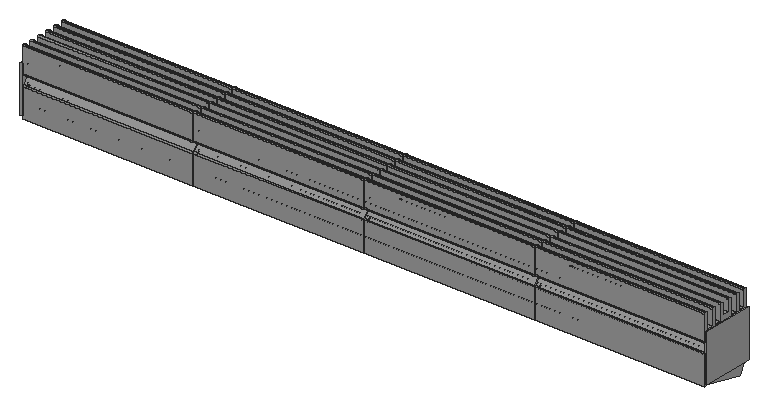
Revit family "Artemide_Sharp_WallWasher_TrimTrimless", category Lighting Fixtures, Revit 2018
Family settings
  Round Connector Dimension = Use Diameter
  Part Type = Normal
  Work Plane-Based = Yes
  Always vertical = Yes
  Cut with Voids When Loaded = Yes
  Light Source = Yes
  Shared = No
  Room Calculation Point = No
Parameters (values of type "SharpWallWasher_Trimless_4opticunit_44W_4000K_White/White_AF75801")
  Wattage = 44 W
  built-in parameter 1150110 = 1 (stored number, unit not read)
  Voltage = "-"
  V_Trim = no
  V_2Optics = if(or(Distance_RightEndClosure < 77 mm, Distance_RightEndClosure > 225 mm), 1 = 0, 1 = 1)  # no
  V_1Optic = if(Distance_RightEndClosure < 225 mm, 1 = 0, 1 = 1)  # yes
  TotalNumberOfOptics = NumberOfOptics + 1  # 4
  built-in parameter 1114217 = 1 (stored number, unit not read)
  Tilt Angle = 90.00°
  built-in parameter 1150109 = 1 (stored number, unit not read)
  built-in parameter 1150134 = 12
  built-in parameter 1150113 = 1 (stored number, unit not read)
  Product Range = "Sharp"
  Photometric Web File = "AF75801.IES"
  NumberOfOptics = 3
  Max Height from ceiling = 0 mm
  M_Trim = none
  M_Housing = Artemide_Aluminum_White
  built-in parameter 1150105 = 3140.3 (stored number, unit not read)
  Lumens = 3028.08 lm
  built-in parameter 1150115 = 1 (stored number, unit not read)
  built-in parameter 1150137 = (empty or 0)
  built-in parameter 1150139 = (empty or 0)
  built-in parameter 1150112 = 1 (stored number, unit not read)
  built-in parameter 1150114 = 1 (stored number, unit not read)
  built-in parameter 1150132 = (empty or 0)
  built-in parameter 1150102 = (empty or 0)
  built-in parameter 1150107 = 4000 (stored number, unit not read)
  built-in parameter 1150138 = (empty or 0)
  built-in parameter 1150106 = 31.403 (stored number, unit not read)
  IfcExportType = "NOT DEFINED"  # constant formula
  IfcExportAs = "IfcLightFixtureType"  # constant formula
  Weekly = "-"
  Warranty ID = "https://cloud.artemide.com/5-years-warranty"
  Upward Component  = 0
  Unified Glare Rating  = "-"
  Uniclass 2015 = "Pr_70_70_48"  # constant formula
  URL to O&M Manual = "https://www.artemide.com/contents/documenti/prodotto/sharp_wallwasher_instructions4862666.pdf"
  URL to Energy Technology List = "-"
  Trim Material = "Aluminium"
  Trim Finish = "Painted"
  Trim Colour  = "White/White"
  Total Power = 0
  Total Light Output  = 0
  Testing method = "-"
  Supply Phase = 0
  Suitable for Photocell Control = "-"
  Suitable for Motion Detector Control = "N"
  Suitable for Dimming  = "N"
  Suitable Dimmer Type = "-"
  Standards = "-"
  Shipping Weight = 0
  Service life  = "-"
  Secondary Rated Lamp Life = 0
  Secondary Lamp Voltage = 0
  Secondary Lamp International Type Code = "-"
  Secondary Lamp Initial Lumens  = 0
  Secondary Lamp Included = "-"
  Secondary Lamp Efficacy = 0
  Secondary Lamp Colour Temperature = 0
  Secondary Lamp Colour Rendering Index = 0
  Secondary Lamp Cap = "-"
  Secondary Lamp = "N"
  Responsible Sourcing of Materials = "-"
  Responsible Extraction of Materials = "-"
  Reflector Material = "-"
  Reflector Finish = "-"
  Rated Lamp Life = 103000
  Quarterly = "-"
  Product Model Number = "AF75801"
  Product Literature = "https://www.artemide.com/en/subfamily/4746385/sharp-wallwasher"
  Primary Lamp Type = "LED"
  Power Supply Kit = "-"
  Power Factor = 0
  Photocell = "-"
  Overall Width = 40
  Overall Light Output Ratio = 0
  Overall Length = 591
  Overall Height = 0
  Output Lumens Indirect light = 0
  Output Lumens Direct light = 417
  Number of Secondary Lamps = 0
  Number of Primary Lamps = 1
  Number of Poles = 0
  Motion Sensor = "-"
  Motion Detector = "-"
  Monthly = "-"
  Minimum Operating Temperature = 0
  Maximum Operating Temperature = 0
  Material Ingredient Reporting = "-"
  Manufacturer Website = "https://www.artemide.com"
  Manufacturer = "Artemide"
  Maintenance Required: 8001-12000hrs  = "-"
  Maintenance Required: 601-1000hrs = "-"
  Maintenance Required: 4001-8000hrs  = "-"
  Maintenance Required: 301-600hrs  = "-"
  Maintenance Required: 2001-4000hrs  = "-"
  Maintenance Required: 1001-2000hrs  = "-"
  Maintenance Required: 0-300hrs  = "-"
  Luminance at 65deg Angle = 0
  Luminaire Type = "Wall Washer"
  Luminaire Maintenance Factor = 0
  Luminaire Cleaning Interval  = "-"
  Louvre/Lens = "-"
  Location of Manufacturer = "-"
  Light Output Pattern = "-"
  Light Fixture Mounting Type = "Recessed"
  Life Cycle Analysis = "-"
  Lamp Survival Factor = "-"
  Lamp Replacement Interval = "-"
  Lamp Included = "Y"
  Lamp Holder Material = "-"
  Lamp Cap = "LED Integrated"
  LED lifetime = 103000
  LED Maintained Colour Variation         = 0
  LED Initial Colour Variation                      = 0
  International Type Code = "-"
  Intended Market = "Unset"
  Integral Fuse or Circuit Protection  = "-"
  Integral Emergency Lighting Battery Type = "-"
  Input Lumens Indirect light = 0
  Input Lumens Direct light = 498.1
  Initial Lumens = 804
  Infills = "-"
  IP Rating = "IP20"
  IK Rating = "-"
  IES Files  = "-"
  Housing Material = "Aluminium"
  Housing Finish  = "Painted"
  Housing Colour  = "White/White"
  Hazardous Area Protection Type = "-"
  Hazardous Area Category = "-"
  Gross Weight = 0
  Green Guide for Specification = "-"
  Gasket Material = "-"
  Frequency  = 0
  Fixings = "-"
  Fixing Material = "-"
  Fire Shroud = "-"
  Fire Rating Duration = 0
  Fire Rated Temperature = 0
  Fire Rated = "-"
  Features = "Any additional components/accessories included in this file are required to complete the product/configuration and must be ordered separately.Please check the catalogue/dedicated brochure for more information"
  Face Width = 0
  Face Shape = "Rectangular"
  Face Length = 0
  External Control Line Voltage = 0
  Expected Life = "-"
  Environmental Product Declaration = "-"
  End Caps/Transition Caps/Joints = "-"
  Emit from Rectangle Width = 593.6 mm
  Emit from Rectangle Length = 24.8 mm
  Emit Shape Visible in Rendering = no
  Emergency light output percentage = 0
  Emergency Lighting Battery = "-"
  Emergency Charging Power       = 0
  Emergency = "N"
  Embodied Carbon  = 0
  Efficiency = 65
  built-in parameter 1150104 = 6.3936 (stored number, unit not read)
  Earth Point  = "-"
  ENEC Certification of European conformity = "Y"
  Duration of Integral Emergency Lighting  = 0
  Drive Current                                          = 0
  Downward Component = 0
  Distance_RightEndClosure = 521.2 mm
  Dimming Lamp Color Temperature Shift = <None>
  Diffusing screen = "-"
  Diffuser Material  = "-"
  Diffuser Finish = "-"
  Designed by = "Carlotta de Bevilacqua"
  Default Elevation = 1219.2 mm
  Daylight Sensor = "-"
  Daily = "-"
  Cut Out Width = 0
  Cut Out Length = 66
  Current  = 0
  Control Gear Type = "-"
  Control Gear Standby Power  = 0
  Control Gear Required = "-"
  Control Gear Location = "-"
  Column = "-"
  Colour Temperature = 4000
  Colour Rendering Index = 90
  Color Filter = 16777215
  Cable Material = "-"
  CE Approval = "YES"
  Bespoke Timeframe = "-"
  Beam Angle Transverse Axis  = 0.00°
  Beam Angle Longditudinal Axis  = 0.00°
  Basis of lifetime luminaire failures        = 0
  Basis of lifetime lumen depreciation   = 0
  built-in parameter 1114218 = 1 (stored number, unit not read)
  built-in parameter 1150133 = 10 (stored number, unit not read)
  Application Environment = "Internal"
  Annually = "-"
  Ambient Temperature                             = 0
  Air Handling = "-"
  Access Clearance Top = 0
  Access Clearance Right = 0
  Access Clearance Rear = 0
  Access Clearance Left = 0
  Access Clearance Front = 0
  Access Clearance Bottom = 0
  6 Monthly = "-"
  \u001fM_Louvre = Artemide_Aluminum_White
  \u001fM_Diffuser = Artemide_Glass_LightBulb
Reference planes
  plane 1 "Center (Front/Back)": y = 0
  plane 2: z = 0
  plane 3 "Center (Left/Right)": x = 0
  plane 4: x = 519.4
  plane 5: x = -74.2
  plane 6: x = -76
  plane 7: x = 521.2
  plane 8: z = 43.141
  plane 9: y = 22.3
  plane 10: y = -22.3
  plane 11: z = 2
  plane 12: z = 57.241
  plane 13: x = -81.9
  plane 14: x = -75
  plane 15: z = -1.105
  plane 16: z = -1.905
  plane 17: y = 27.3
  plane 18: y = -27.3
  plane 19: x = 527.1
  plane 20: x = 520.2
  plane 21: z = -1.105
  plane 22: z = -1.905
  plane 23: y = 20.401
  plane 24: y = -20.401
  plane 25 "Light": z = 11.644
  plane 26: x = 222.6
Forms (mm)
  Extrusion 1, solid, material "Artemide_Aluminum_White" <- "M_Housing"
    sketch origin (0, 0, 0) x (0, 1, 0) y (0, 0, 1)
      loop
        line (22.3, 43.141) -> (-22.3, 43.141) -> (-22.3, 2) -> (22.3, 2) -> (22.3, 43.141)
    from -76 to -74.2
  Extrusion 2, solid, material "Artemide_Aluminum_White" <- "M_Housing"
    sketch origin (0, 0, 0) x (0, 1, 0) y (0, 0, -1)
      loop
        line (22.3, -43.141) -> (22.3, -2) -> (-22.3, -2) -> (-22.3, -43.141) -> (22.3, -43.141)
    from -521.2 to -519.4
  Extrusion 3, void
    sketch origin (0, 0, 0) x (0, 1, 0) y (0, 0, 1)
      loop
        line (22.3, 57.241) -> (-22.3, 57.241) -> (-22.3, 0) -> (22.3, 0) -> (22.3, 57.241)
    from -74.2 to 519.4
  Extrusion 4, solid, material <- "M_Trim", visible <- "V_Trim"
    sketch origin (0, 0, 0) x (1, 0, 0) y (0, 0, 1)
      loop
        line (-74.2, 0) -> (-81.9, 0) -> (-81.9, -1.905) -> (-75, -1.905) -> (-75, -1.105) -> (-74.2, -1.105) -> (-74.2, 0)
    from -27.3 to 27.3
  Extrusion 5, solid, material <- "M_Trim", visible <- "V_Trim"
    sketch origin (0, 0, 0) x (-1, 0, 0) y (0, 0, -1)
      loop
        line (-519.4, 0) -> (-519.4, 1.105) -> (-520.2, 1.105) -> (-520.2, 1.905) -> (-527.1, 1.905) -> (-527.1, 0) -> (-519.4, 0)
    from -27.3 to 27.3
  Extrusion 6, solid, material <- "M_Trim", visible <- "V_Trim"
    sketch origin (0, 0, 0) x (0, 1, 0) y (0, 0, 1)
      loop
        line (27.3, 0) -> (20.401, 0) -> (20.401, -1.905) -> (27.3, -1.905) -> (27.3, 0)
      loop
        line (-20.401, 0) -> (-27.3, 0) -> (-27.3, -1.905) -> (-20.401, -1.905) -> (-20.401, 0)
    from -74.2 to 519.4
Dimensions and locks
  locked: plane 3 "Center (Left/Right)" to plane 6 at 76
  locked: plane 5 to plane 6 at 1.8
  locked: plane 4 to plane 7 at 1.8
  "Distance_RightEndClosure": plane 7 to plane 3 "Center (Left/Right)"
  plane 12 to plane 8 to plane 11 to plane 2 = 14.099 mm locked, 41.141 mm locked, 2 mm locked
  equal spacing: plane 9, plane 1 "Center (Front/Back)", plane 10
  locked: plane 9 to plane 10 at 44.6
  plane 14 to plane 6 to plane 13 = 1 mm locked, 5.9 mm locked
  plane 2 to plane 15 to plane 16 = 1.105 mm locked, 0.8 mm locked
  locked: plane 17 to plane 9 at 5
  locked: plane 18 to plane 10 at 5
  plane 20 to plane 7 to plane 19 = 1 mm locked, 5.9 mm locked
  plane 2 to plane 21 to plane 22 = 1.105 mm locked, 0.8 mm locked
  locked: plane 9 to plane 23 at 1.899
  locked: plane 24 to plane 10 at 1.899
  locked: plane 25 "Light" to plane 22 at 13.549
  equal spacing: group 1, group 2, group 3  (x3)
  equal spacing: plane 7, plane 26, plane 6
  aligned and locked: level to plane 2
  aligned and locked: plane 3 "Center (Left/Right)" to nested 1
  aligned and locked: plane 1 "Center (Front/Back)" to nested 1
  aligned and locked: Extrusion 1 sketch curve to plane 9
  aligned and locked: Extrusion 1 sketch curve to plane 8
  aligned and locked: Extrusion 1 sketch curve to plane 10
  aligned and locked: Extrusion 1 to plane 6
  aligned and locked: plane 5 to Extrusion 1
  aligned and locked: plane 4 to Extrusion 2
  aligned and locked: Extrusion 2 to plane 7
  aligned and locked: plane 11 to Extrusion 1 sketch curve
  aligned and locked: plane 11 to Extrusion 2 sketch curve
  aligned and locked: Extrusion 2 sketch curve to plane 9
  aligned and locked: Extrusion 2 sketch curve to plane 8
  aligned and locked: Extrusion 2 sketch curve to plane 10
  aligned and locked: Extrusion 3 sketch curve to plane 9
  aligned and locked: Extrusion 3 sketch curve to plane 12
  aligned and locked: Extrusion 3 sketch curve to plane 10
  aligned and locked: plane 2 to Extrusion 3 sketch curve
  aligned and locked: Extrusion 3 to plane 5
  aligned and locked: Extrusion 3 to plane 4
  aligned and locked: plane 13 to Extrusion 4 sketch curve
  aligned and locked: Extrusion 4 sketch curve to plane 2
  aligned and locked: Extrusion 4 sketch curve to plane 5
  aligned and locked: plane 15 to Extrusion 4 sketch curve
  aligned and locked: Extrusion 4 sketch curve to plane 14
  aligned and locked: plane 16 to Extrusion 4 sketch curve
  aligned and locked: plane 17 to Extrusion 4
  aligned and locked: plane 18 to Extrusion 4
  aligned and locked: Extrusion 5 sketch curve to plane 19
  aligned and locked: Extrusion 5 sketch curve to plane 21
  aligned and locked: plane 20 to Extrusion 5 sketch curve
  aligned and locked: Extrusion 5 sketch curve to plane 22
  aligned and locked: plane 4 to Extrusion 5 sketch curve
  aligned and locked: plane 2 to Extrusion 5 sketch curve
  aligned and locked: plane 17 to Extrusion 5
  aligned and locked: plane 18 to Extrusion 5
  aligned and locked: Extrusion 6 sketch curve to plane 17
  aligned and locked: Extrusion 6 sketch curve to plane 2  (x2)
  aligned and locked: plane 22 to Extrusion 6 sketch curve  (x2)
  aligned and locked: Extrusion 6 sketch curve to plane 18
  aligned and locked: Extrusion 6 to plane 5
  aligned and locked: Extrusion 6 to plane 4
  aligned and locked: plane 23 to Extrusion 6 sketch curve
  aligned and locked: plane 24 to Extrusion 6 sketch curve
  aligned and locked: plane 25 "Light" to imposter light
  aligned and locked: imposter light to plane 1 "Center (Front/Back)"
  aligned and locked: imposter light to plane 26
Nested families
  nested 1: "Artedime_Sharp_WallWasher_TrimTrimless_BasicGeometry" at (0, 0, 0), M_Louvre <- "\u001fM_Louvre", M_Diffuser <- "\u001fM_Diffuser", M_Housing <- "M_Housing", type "Artedime_Sharp_WallWasher_TrimTrimless_BasicGeometry"
    with M_Louvre Artemide_Aluminum_White, M_Housing Artemide_Aluminum_White, M_Diffuser Artemide_Glass_LightBulb
  nested 2: "Artedime_Sharp_WallWasher_TrimTrimless_BasicGeometry" at (148.4, 0, 0), M_Louvre <- "\u001fM_Louvre", M_Diffuser <- "\u001fM_Diffuser", M_Housing <- "M_Housing", visible <- "V_1Optic", type "Artedime_Sharp_WallWasher_TrimTrimless_BasicGeometry"
    with M_Louvre Artemide_Aluminum_White, M_Housing Artemide_Aluminum_White, M_Diffuser Artemide_Glass_LightBulb
  nested 3: "Artedime_Sharp_WallWasher_TrimTrimless_BasicGeometry" at (296.8, 0, 0), M_Louvre <- "\u001fM_Louvre", M_Diffuser <- "\u001fM_Diffuser", M_Housing <- "M_Housing", visible <- "V_1Optic", type "Artedime_Sharp_WallWasher_TrimTrimless_BasicGeometry"
    with M_Louvre Artemide_Aluminum_White, M_Housing Artemide_Aluminum_White, M_Diffuser Artemide_Glass_LightBulb
  nested 4: "Artedime_Sharp_WallWasher_TrimTrimless_BasicGeometry" at (148.4, 0, 0), M_Louvre <- "\u001fM_Louvre", M_Diffuser <- "\u001fM_Diffuser", M_Housing <- "M_Housing", visible <- "V_2Optics", type "Artedime_Sharp_WallWasher_TrimTrimless_BasicGeometry"
    with M_Louvre Artemide_Aluminum_White, M_Housing Artemide_Aluminum_White, M_Diffuser Artemide_Glass_LightBulb
  nested 5: "Artedime_Sharp_WallWasher_TrimTrimless_BasicGeometry" at (445.2, 0, 0), M_Louvre <- "\u001fM_Louvre", M_Diffuser <- "\u001fM_Diffuser", M_Housing <- "M_Housing", visible <- "V_1Optic", type "Artedime_Sharp_WallWasher_TrimTrimless_BasicGeometry"
    with M_Louvre Artemide_Aluminum_White, M_Housing Artemide_Aluminum_White, M_Diffuser Artemide_Glass_LightBulb
Definition of nested family "Artedime_Sharp_WallWasher_TrimTrimless_BasicGeometry"
  Parameters (values of type "Artedime_Sharp_WallWasher_TrimTrimless_BasicGeometry")
    M_Louvre [instance] = none
    M_Housing [instance] = none
    M_Diffuser [instance] = none
  Reference planes
    plane 1 "Center (Front/Back)": y = 0
    plane 2: z = 0
    plane 3 "Center (Left/Right)": x = 0
    plane 4: z = 57.241
    plane 5: z = 37.587
    plane 6: z = -8.369
    plane 7: z = 17.181
    plane 8: z = 14.755
    plane 9: z = 12.155
    plane 10: z = 1.689
    plane 11: y = 22.3
    plane 12: y = -22.3
    plane 13: x = -74.2
    plane 14: x = 74.2
    plane 15: x = -73
    plane 16: x = 73
  Forms (mm)
    Extrusion 1, solid, material <- "M_Housing"
      sketch origin (0, 0, 0) x (0, 1, 0) y (0, 0, 1)
        loop
          line (22.3, 0) -> (22.3, 25.123)
          arc (22.3, 25.123) -> (22.145, 25.744) -> (21.805, 26.288) r 2.049
          line (21.805, 26.288) -> (17.333, 31.433)
          arc (17.333, 31.433) -> (16.949, 31.951) -> (17.333, 32.47) r 0.543
          line (17.333, 32.47) -> (21.592, 33.773)
          arc (21.592, 33.773) -> (22.071, 34.089) -> (22.3, 34.616) r 1.011
          line (22.3, 34.616) -> (22.3, 56.743)
          arc (22.3, 56.743) -> (22.154, 57.096) -> (21.802, 57.241) r 0.498
          line (21.802, 57.241) -> (20.733, 57.241)
          arc (20.733, 57.241) -> (20.356, 57.085) -> (20.2, 56.708) r 0.533
          line (20.2, 56.708) -> (20.2, 43.141) -> (13.825, 43.141) -> (13.825, 56.731)
          arc (13.825, 56.731) -> (13.675, 57.092) -> (13.315, 57.241) r 0.51
          line (13.315, 57.241) -> (12.275, 57.241)
          arc (12.275, 57.241) -> (11.886, 57.08) -> (11.725, 56.692) r 0.55
          line (11.725, 56.692) -> (11.725, 43.141) -> (5.325, 43.141) -> (5.325, 56.651)
          arc (5.325, 56.651) -> (5.152, 57.069) -> (4.735, 57.241) r 0.59
          line (4.735, 57.241) -> (3.763, 57.241)
          arc (3.763, 57.241) -> (3.382, 57.084) -> (3.225, 56.703) r 0.539
          line (3.225, 56.703) -> (3.225, 47.141) -> (-3.225, 47.141) -> (-3.225, 56.703)
          arc (-3.225, 56.703) -> (-3.382, 57.084) -> (-3.763, 57.241) r 0.539
          line (-3.763, 57.241) -> (-4.735, 57.241)
          arc (-4.735, 57.241) -> (-5.152, 57.069) -> (-5.325, 56.651) r 0.59
          line (-5.325, 56.651) -> (-5.325, 43.141) -> (-11.725, 43.141) -> (-11.725, 56.692)
          arc (-11.725, 56.692) -> (-11.886, 57.08) -> (-12.275, 57.241) r 0.55
          line (-12.275, 57.241) -> (-13.315, 57.241)
          arc (-13.315, 57.241) -> (-13.675, 57.092) -> (-13.825, 56.731) r 0.51
          line (-13.825, 56.731) -> (-13.825, 43.141) -> (-20.2, 43.141) -> (-20.2, 56.708)
          arc (-20.2, 56.708) -> (-20.356, 57.085) -> (-20.733, 57.241) r 0.533
          line (-20.733, 57.241) -> (-21.802, 57.241)
          arc (-21.802, 57.241) -> (-22.154, 57.096) -> (-22.3, 56.743) r 0.498
          line (-22.3, 56.743) -> (-22.3, 34.616)
          arc (-22.3, 34.616) -> (-22.071, 34.089) -> (-21.592, 33.773) r 1.011
          line (-21.592, 33.773) -> (-17.333, 32.47)
          arc (-17.333, 32.47) -> (-16.949, 31.951) -> (-17.333, 31.433) r 0.543
          line (-17.333, 31.433) -> (-21.805, 26.288)
          arc (-21.805, 26.288) -> (-22.145, 25.744) -> (-22.3, 25.123) r 2.049
          line (-22.3, 25.123) -> (-22.3, 0) -> (-20.401, 0) -> (-19.682, 1.976)
          arc (-19.682, 1.976) -> (-19.64, 2.416) -> (-19.817, 2.82) r 0.879
          line (-19.817, 2.82) -> (-20.798, 2.735) -> (-20.798, 6.212) -> (-19.6, 5.776) -> (-19.6, 11.349) -> (-21.046, 12.361) -> (-20.5, 13.861) -> (-20.5, 23.46)
          arc (-20.5, 23.46) -> (-19.593, 23.433) -> (-19.655, 24.338) r 0.612
          arc (-19.655, 24.338) -> (-19.333, 26.647) -> (-17.9, 24.809) r 1.266
          arc (-17.9, 24.809) -> (-17.686, 24.001) -> (-16.871, 24.188) r 0.601
          line (-16.871, 24.188) -> (-15.926, 24.667)
          arc (-15.926, 24.667) -> (-15.487, 25.211) -> (-15.797, 25.837) r 0.649
          line (-15.797, 25.837) -> (-16.808, 26.491)
          arc (-16.808, 26.491) -> (-16.952, 27.043) -> (-16.414, 27.234) r 0.422
          line (-16.414, 27.234) -> (-15.195, 26.717)
          arc (-15.195, 26.717) -> (-14.542, 27.067) -> (-14.667, 27.798) r 0.634
          line (-14.667, 27.798) -> (-15.348, 28.479) -> (-16.35, 28.479)
          arc (-16.35, 28.479) -> (-17.006, 29.135) -> (-16.35, 29.791) r 0.656
          line (-16.35, 29.791) -> (-15.529, 29.791) -> (-14.509, 30.647) -> (-14.509, 31.509) -> (-15.821, 33.878) -> (-20.5, 35.308) -> (-20.5, 36.679)
          arc (-20.5, 36.679) -> (-20.385, 37.231) -> (-19.833, 37.346) r 0.515
          arc (-19.833, 37.346) -> (-19.025, 37.691) -> (-19.357, 38.505) r 0.627
          arc (-19.357, 38.505) -> (-19.723, 40.764) -> (-17.754, 39.598) r 1.263
          arc (-17.754, 39.598) -> (-16.774, 39.014) -> (-16.949, 40.141) r 0.63
          line (-16.949, 40.141) -> (16.949, 40.141)
          arc (16.949, 40.141) -> (16.774, 39.014) -> (17.754, 39.598) r 0.63
          arc (17.754, 39.598) -> (19.723, 40.764) -> (19.357, 38.505) r 1.263
          arc (19.357, 38.505) -> (19.025, 37.691) -> (19.833, 37.346) r 0.627
          arc (19.833, 37.346) -> (20.385, 37.231) -> (20.5, 36.679) r 0.515
          line (20.5, 36.679) -> (20.5, 35.308) -> (15.821, 33.878) -> (14.509, 31.509) -> (14.509, 30.647) -> (15.529, 29.791) -> (16.35, 29.791)
          arc (16.35, 29.791) -> (17.006, 29.135) -> (16.35, 28.479) r 0.656
          line (16.35, 28.479) -> (15.348, 28.479) -> (14.667, 27.798)
          arc (14.667, 27.798) -> (14.542, 27.067) -> (15.195, 26.717) r 0.634
          line (15.195, 26.717) -> (16.414, 27.234)
          arc (16.414, 27.234) -> (16.952, 27.043) -> (16.808, 26.491) r 0.422
          line (16.808, 26.491) -> (15.797, 25.837)
          arc (15.797, 25.837) -> (15.487, 25.211) -> (15.926, 24.667) r 0.649
          line (15.926, 24.667) -> (16.871, 24.188)
          arc (16.871, 24.188) -> (17.686, 24.001) -> (17.9, 24.809) r 0.601
          arc (17.9, 24.809) -> (19.333, 26.647) -> (19.655, 24.338) r 1.266
          arc (19.655, 24.338) -> (19.593, 23.433) -> (20.5, 23.46) r 0.612
          line (20.5, 23.46) -> (20.5, 13.861) -> (21.046, 12.361) -> (19.6, 11.349) -> (19.6, 5.776) -> (20.798, 6.212) -> (20.798, 2.735) -> (19.817, 2.82)
          arc (19.817, 2.82) -> (19.64, 2.416) -> (19.682, 1.976) r 0.879
          line (19.682, 1.976) -> (20.401, 0) -> (22.3, 0)
      from -74.2 to 74.2
    Extrusion 2, solid, material <- "M_Louvre"
      sketch origin (0, 0, 0) x (0, 1, 0) y (0, 0, 1)
        loop
          line (7.33, 37.587) -> (0.326, 37.587)
          arc (0.326, 37.587) -> (-1.85, 36.962) -> (-3.363, 35.277) r 4.101
          arc (-3.363, 35.277) -> (-8.869, 25.337) -> (-13.012, 14.755) r 85.7
          arc (-13.012, 14.755) -> (-14.21, 14.209) -> (-15.516, 14.374) r 2.409
          line (-15.516, 14.374) -> (-17.481, 17.181) -> (-18.584, 17.181) -> (-18.639, 16.031) -> (-20.555, 13.295) -> (-20.887, 12.383) -> (-19.605, 11.485) -> (-19.223, 2.698) -> (-20.109, 0) -> (-18.507, 0) -> (-13.464, 8.874) -> (-14.892, 9.343) -> (-13.745, 12.42) -> (-11.613, 11.644)
          arc (-11.613, 11.644) -> (-8.459, 19.735) -> (-4.83, 27.623) r 145.807
          arc (-4.83, 27.623) -> (-2.104, 32.499) -> (1.084, 37.087) r 57.31
          line (1.084, 37.087) -> (7.756, 37.087)
          arc (7.756, 37.087) -> (10.454, 28.822) -> (12.134, 20.292) r 71.882
          arc (12.134, 20.292) -> (13.21, 11.32) -> (14.023, 2.321) r 308.901
          line (14.023, 2.321) -> (15.326, 1.839) -> (14.761, -1.449) -> (13.558, -1.005) -> (13.727, -7.915) -> (15.525, -8.369) -> (20.068, 0) -> (19.288, 2.15) -> (19.269, 11.504) -> (20.748, 12.54) -> (19.04, 15.5) -> (19.04, 17.181) -> (18.14, 17.181) -> (16.739, 14.755) -> (15.502, 14.755)
          arc (15.502, 14.755) -> (13.859, 24.957) -> (11.431, 35.001) r 133.239
          arc (11.431, 35.001) -> (9.754, 36.887) -> (7.33, 37.587) r 4.545
      from -73 to 73
    Extrusion 3, solid, material <- "M_Diffuser"
      sketch origin (0, 0, 0) x (0, 1, 0) y (0, 0, 1)
        loop
          line (15.049, 1.689) -> (-13.707, 12.155) -> (-14.747, 9.295) -> (14.008, -1.171) -> (15.049, 1.689)
      from -73 to 73
    Extrusion 4, solid, material <- "M_Louvre"
      sketch origin (0, 0, 0) x (0, 1, 0) y (0, 0, 1)
        loop
          line (7.33, 37.587) -> (0.326, 37.587)
          arc (0.326, 37.587) -> (-1.85, 36.962) -> (-3.363, 35.277) r 4.101
          arc (-3.363, 35.277) -> (-8.869, 25.337) -> (-13.012, 14.755) r 85.7
          arc (-13.012, 14.755) -> (-14.21, 14.209) -> (-15.516, 14.374) r 2.409
          line (-15.516, 14.374) -> (-17.481, 17.181) -> (-18.584, 17.181) -> (-18.639, 16.031) -> (-20.555, 13.295) -> (-20.887, 12.383) -> (-19.605, 11.485) -> (-19.223, 2.698) -> (-20.109, 0) -> (-17.624, 0) -> (15.525, -8.369) -> (20.068, 0) -> (19.288, 2.15) -> (19.269, 11.504) -> (20.748, 12.54) -> (19.04, 15.5) -> (19.04, 17.181) -> (18.14, 17.181) -> (16.739, 14.755) -> (15.502, 14.755)
          arc (15.502, 14.755) -> (13.859, 24.957) -> (11.431, 35.001) r 133.239
          arc (11.431, 35.001) -> (9.754, 36.887) -> (7.33, 37.587) r 4.545
      from -74.2 to -73
    Extrusion 5, solid, material <- "M_Louvre"
      sketch origin (0, 0, 0) x (0, 1, 0) y (0, 0, -1)
        loop
          arc (7.33, -37.587) -> (9.754, -36.887) -> (11.431, -35.001) r 4.545
          arc (11.431, -35.001) -> (13.859, -24.957) -> (15.502, -14.755) r 133.239
          line (15.502, -14.755) -> (16.739, -14.755) -> (18.14, -17.181) -> (19.04, -17.181) -> (19.04, -15.5) -> (20.748, -12.54) -> (19.269, -11.504) -> (19.288, -2.15) -> (20.068, 0) -> (15.525, 8.369) -> (-17.624, 0) -> (-20.109, 0) -> (-19.223, -2.698) -> (-19.605, -11.485) -> (-20.887, -12.383) -> (-20.555, -13.295) -> (-18.639, -16.031) -> (-18.584, -17.181) -> (-17.481, -17.181) -> (-15.516, -14.374)
          arc (-15.516, -14.374) -> (-14.21, -14.209) -> (-13.012, -14.755) r 2.409
          arc (-13.012, -14.755) -> (-8.869, -25.337) -> (-3.363, -35.277) r 85.7
          arc (-3.363, -35.277) -> (-1.85, -36.962) -> (0.326, -37.587) r 4.101
          line (0.326, -37.587) -> (7.33, -37.587)
      from -74.2 to -73
  Cuts and joins
    joined: Extrusion 2, Extrusion 4, Extrusion 5
  Dimensions and locks
    locked: plane 2 to plane 6 at 8.369
    plane 4 to plane 5 to plane 7 to plane 8 to plane 9 to plane 10 to plane 2 = 19.654 mm locked, 20.406 mm locked, 2.426 mm locked, 2.6 mm locked, 10.466 mm locked, 1.689 mm locked
    equal spacing: plane 11, plane 1 "Center (Front/Back)", plane 12
    locked: plane 11 to plane 12 at 44.6
    equal spacing: plane 14, plane 3 "Center (Left/Right)", plane 13
    locked: plane 14 to plane 13 at 148.4
    locked: plane 15 to plane 13 at 1.2
    locked: plane 16 to plane 14 at 1.2
    aligned and locked: level to plane 2
    aligned and locked: plane 11 to Extrusion 1 sketch curve  (x2)
    aligned and locked: Extrusion 1 sketch curve to plane 12  (x2)
    aligned and locked: Extrusion 1 sketch curve to plane 4
    aligned and locked: plane 4 to Extrusion 1 sketch curve
    aligned and locked: Extrusion 1 sketch curve to plane 2
    aligned and locked: plane 2 to Extrusion 1 sketch curve
    aligned and locked: Extrusion 1 to plane 13
    aligned and locked: Extrusion 1 to plane 14
    aligned and locked: Extrusion 2 sketch curve to plane 5
    aligned and locked: Extrusion 2 sketch curve to plane 7  (x2)
    aligned and locked: plane 8 to Extrusion 2 sketch curve
    aligned and locked: plane 6 to Extrusion 2 sketch curve
    aligned and locked: plane 2 to Extrusion 2 sketch curve
    aligned and locked: Extrusion 2 to plane 15
    aligned and locked: plane 16 to Extrusion 2
    aligned and locked: plane 9 to Extrusion 3 sketch curve
    aligned and locked: Extrusion 3 to plane 15
    aligned and locked: plane 16 to Extrusion 3
    aligned and locked: plane 15 to Extrusion 4
    aligned and locked: Extrusion 5 to plane 16
    aligned and locked: cut or joined group of Extrusion 2, Extrusion 4, Extrusion 5 to plane 13
    aligned and locked: cut or joined group of Extrusion 2, Extrusion 4, Extrusion 5 to plane 14
  Automatic sketch dimensions
    Extrusion 1 sketch curve to plane 4 = 0 mm  (x4)
    plane 12 to Extrusion 1 sketch curve = 0.495 mm
    Extrusion 1 sketch curve to plane 4 = 0.498 mm
    plane 12 to Extrusion 1 sketch curve = 0.708 mm
    plane 12 to Extrusion 1 sketch curve = 1.003 mm
    plane 9 to Extrusion 1 sketch curve = 0.206 mm  (x2)
    plane 12 to Extrusion 1 sketch curve = 1.254 mm
    plane 12 to Extrusion 1 sketch curve = 1.502 mm
    Extrusion 1 sketch curve to Extrusion 1 sketch curve = 1.069 mm
    Extrusion 1 sketch curve to Extrusion 1 sketch curve = 0.29 mm
    Extrusion 1 sketch curve to Extrusion 1 sketch curve = 0.546 mm
    Extrusion 1 sketch curve to Extrusion 1 sketch curve = 0.797 mm  (x2)
    plane 12 to Extrusion 1 sketch curve = 1.899 mm
    Extrusion 1 sketch curve to Extrusion 1 sketch curve = 0.241 mm
    plane 12 to Extrusion 1 sketch curve = 2.1 mm
    Extrusion 1 sketch curve to Extrusion 1 sketch curve = 0.466 mm  (x2)
    Extrusion 1 sketch curve to Extrusion 1 sketch curve = 0.479 mm  (x4)
    plane 10 to Extrusion 1 sketch curve = 1.131 mm  (x2)
    Extrusion 1 sketch curve to Extrusion 1 sketch curve = 0.69 mm
    plane 10 to Extrusion 1 sketch curve = 0.287 mm  (x2)
    Extrusion 1 sketch curve to Extrusion 1 sketch curve = 0.135 mm  (x2)
    plane 5 to Extrusion 1 sketch curve = 0.343 mm  (x2)
    Extrusion 1 sketch curve to Extrusion 1 sketch curve = 0.416 mm  (x2)
    Extrusion 1 sketch curve to plane 9 = 0.806 mm  (x2)
    Extrusion 1 sketch curve to Extrusion 1 sketch curve = 1.446 mm
    Extrusion 1 sketch curve to Extrusion 1 sketch curve = 0.593 mm  (x2)
    Extrusion 1 sketch curve to Extrusion 1 sketch curve = 1.253 mm
    Extrusion 1 sketch curve to Extrusion 1 sketch curve = 4.101 mm
    Extrusion 1 sketch curve to Extrusion 1 sketch curve = 1.631 mm  (x2)
    Extrusion 1 sketch curve to Extrusion 1 sketch curve = 0.159 mm  (x3)
    Extrusion 1 sketch curve to Extrusion 1 sketch curve = 1.885 mm  (x2)
    Extrusion 1 sketch curve to Extrusion 1 sketch curve = 0.178 mm  (x2)
    Extrusion 1 sketch curve to Extrusion 1 sketch curve = 0.504 mm  (x2)
    Extrusion 1 sketch curve to Extrusion 1 sketch curve = 0.567 mm
    Extrusion 1 sketch curve to Extrusion 1 sketch curve = 0.229 mm  (x2)
    Extrusion 1 sketch curve to Extrusion 1 sketch curve = 0.165 mm  (x2)
    Extrusion 1 sketch curve to Extrusion 1 sketch curve = 0.064 mm  (x2)
    Extrusion 1 sketch curve to Extrusion 1 sketch curve = 0.739 mm
    Extrusion 1 sketch curve to Extrusion 1 sketch curve = 0.207 mm  (x2)
    Extrusion 1 sketch curve to Extrusion 1 sketch curve = 1.512 mm  (x2)
    Extrusion 1 sketch curve to Extrusion 1 sketch curve = 0.335 mm
    Extrusion 1 sketch curve to Extrusion 1 sketch curve = 0.821 mm  (x2)
    Extrusion 1 sketch curve to Extrusion 1 sketch curve = 1.002 mm
    Extrusion 1 sketch curve to Extrusion 1 sketch curve = 0.602 mm  (x2)
    Extrusion 1 sketch curve to Extrusion 1 sketch curve = 0.084 mm  (x2)
    Extrusion 1 sketch curve to Extrusion 1 sketch curve = 0.445 mm  (x2)
    Extrusion 1 sketch curve to Extrusion 1 sketch curve = 1.02 mm
    Extrusion 1 sketch curve to plane 4 = 0.51 mm
    Extrusion 1 sketch curve to Extrusion 1 sketch curve = 6.375 mm
    Extrusion 1 sketch curve to plane 4 = 0.55 mm
    Extrusion 1 sketch curve to Extrusion 1 sketch curve = 1.04 mm  (x2)
    plane 1 "Center (Front/Back)" to Extrusion 1 sketch curve = 5.325 mm
    Extrusion 1 sketch curve to plane 4 = 0.59 mm
    Extrusion 1 sketch curve to Extrusion 1 sketch curve = 0.971 mm  (x2)
    plane 1 "Center (Front/Back)" to Extrusion 1 sketch curve = 3.225 mm
    Extrusion 1 sketch curve to plane 4 = 0.539 mm
    Extrusion 1 sketch curve to plane 1 "Center (Front/Back)" = 3.225 mm
    Extrusion 1 sketch curve to Extrusion 1 sketch curve = 0.59 mm
    Extrusion 1 sketch curve to Extrusion 1 sketch curve = 6.4 mm
    Extrusion 1 sketch curve to Extrusion 1 sketch curve = 0.55 mm
    Extrusion 1 sketch curve to Extrusion 1 sketch curve = 2.1 mm
    plane 11 to Extrusion 1 sketch curve = 7.791 mm
    Extrusion 1 sketch curve to Extrusion 1 sketch curve = 0.158 mm
    Extrusion 1 sketch curve to Extrusion 1 sketch curve = 0.681 mm  (x2)
    Extrusion 1 sketch curve to Extrusion 1 sketch curve = 0.181 mm
    Extrusion 1 sketch curve to Extrusion 1 sketch curve = 1.313 mm
    Extrusion 1 sketch curve to Extrusion 1 sketch curve = 0.129 mm
    Extrusion 1 sketch curve to Extrusion 1 sketch curve = 0.946 mm
    plane 5 to Extrusion 1 sketch curve = 2.554 mm
    Extrusion 1 sketch curve to Extrusion 1 sketch curve = 3.125 mm
    Extrusion 1 sketch curve to Extrusion 1 sketch curve = 0 mm  (x4)
    plane 11 to Extrusion 1 sketch curve = 2.7 mm
    plane 11 to Extrusion 1 sketch curve = 2.618 mm
    Extrusion 1 sketch curve to Extrusion 1 sketch curve = 1.029 mm
    plane 11 to Extrusion 1 sketch curve = 2.1 mm
    Extrusion 1 sketch curve to Extrusion 1 sketch curve = 0.224 mm
    plane 11 to Extrusion 1 sketch curve = 1.899 mm
    plane 10 to Extrusion 1 sketch curve = 0.588 mm
    Extrusion 1 sketch curve to Extrusion 1 sketch curve = 0.533 mm
    Extrusion 1 sketch curve to Extrusion 1 sketch curve = 1.198 mm
    plane 11 to Extrusion 1 sketch curve = 1.254 mm
    plane 11 to Extrusion 1 sketch curve = 0.708 mm
    Extrusion 1 sketch curve to Extrusion 1 sketch curve = 0.498 mm
    plane 11 to Extrusion 1 sketch curve = 0.495 mm
    Extrusion 1 sketch curve to Extrusion 1 sketch curve = 0.458 mm  (x2)
    Extrusion 1 sketch curve to Extrusion 1 sketch curve = 2.956 mm  (x2)
    Extrusion 1 sketch curve to Extrusion 1 sketch curve = 0.436 mm  (x2)
    Extrusion 1 sketch curve to plane 8 = 0.894 mm  (x2)
    plane 7 to Extrusion 1 sketch curve = 6.279 mm  (x2)
    Extrusion 1 sketch curve to Extrusion 1 sketch curve = 0.398 mm  (x2)
    Extrusion 1 sketch curve to Extrusion 1 sketch curve = 0.33 mm  (x2)
    Extrusion 1 sketch curve to Extrusion 1 sketch curve = 0.328 mm  (x2)
    Extrusion 1 sketch curve to Extrusion 1 sketch curve = 1.085 mm  (x2)
    Extrusion 1 sketch curve to Extrusion 1 sketch curve = 0.18 mm  (x2)
    Extrusion 1 sketch curve to Extrusion 1 sketch curve = 0.615 mm  (x2)
    Extrusion 1 sketch curve to Extrusion 1 sketch curve = 0.482 mm  (x2)
    Extrusion 1 sketch curve to Extrusion 1 sketch curve = 0.654 mm  (x2)
    Extrusion 1 sketch curve to Extrusion 1 sketch curve = 0.879 mm  (x2)
    Extrusion 1 sketch curve to Extrusion 1 sketch curve = 0.355 mm  (x2)
    Extrusion 1 sketch curve to Extrusion 1 sketch curve = 0.629 mm  (x2)
    Extrusion 1 sketch curve to Extrusion 1 sketch curve = 1.245 mm
    Extrusion 1 sketch curve to Extrusion 1 sketch curve = 0.656 mm  (x2)
    Extrusion 1 sketch curve to Extrusion 1 sketch curve = 0.856 mm  (x2)
    Extrusion 1 sketch curve to Extrusion 1 sketch curve = 1.641 mm  (x2)
    Extrusion 1 sketch curve to Extrusion 1 sketch curve = 0.862 mm  (x2)
    Extrusion 1 sketch curve to Extrusion 1 sketch curve = 0.519 mm  (x2)
    Extrusion 1 sketch curve to plane 5 = 3.815 mm  (x2)
    Extrusion 1 sketch curve to Extrusion 1 sketch curve = 1.407 mm  (x2)
    Extrusion 1 sketch curve to Extrusion 1 sketch curve = 0.843 mm  (x2)
    Extrusion 1 sketch curve to Extrusion 1 sketch curve = 0.569 mm  (x2)
    Extrusion 1 sketch curve to plane 5 = 0.908 mm  (x2)
    Extrusion 1 sketch curve to Extrusion 1 sketch curve = 0.187 mm  (x2)
    Extrusion 1 sketch curve to Extrusion 1 sketch curve = 0.605 mm  (x2)
    Extrusion 1 sketch curve to Extrusion 1 sketch curve = 1.791 mm  (x2)
    plane 5 to Extrusion 1 sketch curve = 5.554 mm  (x2)
    Extrusion 1 sketch curve to Extrusion 1 sketch curve = 3.421 mm  (x2)
    Extrusion 1 sketch curve to Extrusion 1 sketch curve = 4 mm
    Extrusion 1 sketch curve to Extrusion 1 sketch curve = 0.379 mm
    Extrusion 1 sketch curve to Extrusion 1 sketch curve = 0.248 mm  (x2)
    Extrusion 2 sketch curve to plane 8 = 0 mm
    Extrusion 2 sketch curve to level = 0 mm
    Extrusion 2 sketch curve to plane 6 = 12.6 mm
    Extrusion 2 sketch curve to plane 12 = 271.699 mm
    Extrusion 2 sketch curve to level = 1.308 mm
    Extrusion 2 sketch curve to plane 12 = 94.465 mm
    Extrusion 2 sketch curve to plane 9 = 1.464 mm
    Extrusion 2 sketch curve to plane 12 = 36.804 mm
    plane 9 to Extrusion 2 sketch curve = 0.228 mm
    plane 12 to Extrusion 2 sketch curve = 1.413 mm
    Extrusion 2 sketch curve to Extrusion 2 sketch curve = 0.332 mm
    plane 12 to Extrusion 2 sketch curve = 2.191 mm
    Extrusion 2 sketch curve to plane 9 = 0.67 mm
    Extrusion 2 sketch curve to Extrusion 2 sketch curve = 1.283 mm
    plane 10 to Extrusion 2 sketch curve = 1.009 mm
    Extrusion 2 sketch curve to Extrusion 2 sketch curve = 0.886 mm
    Extrusion 2 sketch curve to plane 7 = 1.15 mm
    Extrusion 2 sketch curve to Extrusion 2 sketch curve = 1.916 mm
    Extrusion 2 sketch curve to Extrusion 2 sketch curve = 0.055 mm
    Extrusion 2 sketch curve to Extrusion 2 sketch curve = 1.602 mm
    Extrusion 2 sketch curve to Extrusion 2 sketch curve = 1.103 mm
    Extrusion 2 sketch curve to plane 8 = 0.381 mm
    Extrusion 2 sketch curve to Extrusion 2 sketch curve = 1.965 mm
    Extrusion 2 sketch curve to plane 9 = 2.812 mm
    Extrusion 2 sketch curve to Extrusion 2 sketch curve = 0.624 mm
    Extrusion 2 sketch curve to plane 7 = 0.591 mm
    Extrusion 2 sketch curve to Extrusion 2 sketch curve = 0.944 mm
    plane 9 to Extrusion 2 sketch curve = 0.265 mm
    Extrusion 2 sketch curve to Extrusion 2 sketch curve = 0.733 mm
    Extrusion 2 sketch curve to plane 9 = 3.281 mm
    Extrusion 2 sketch curve to Extrusion 2 sketch curve = 1.429 mm
    Extrusion 2 sketch curve to plane 9 = 0.511 mm
    Extrusion 2 sketch curve to Extrusion 2 sketch curve = 2.132 mm
    Extrusion 2 sketch curve to plane 1 "Center (Front/Back)" = 0.326 mm
    Extrusion 2 sketch curve to Extrusion 2 sketch curve = 0.757 mm
    Extrusion 2 sketch curve to Extrusion 2 sketch curve = 7.003 mm
    Extrusion 2 sketch curve to Extrusion 2 sketch curve = 0.426 mm
    Extrusion 2 sketch curve to level = 1.005 mm
    plane 11 to Extrusion 2 sketch curve = 8.742 mm
    plane 6 to Extrusion 2 sketch curve = 0.454 mm
    Extrusion 2 sketch curve to Extrusion 2 sketch curve = 0.169 mm
    plane 10 to Extrusion 2 sketch curve = 0.632 mm
    Extrusion 2 sketch curve to Extrusion 2 sketch curve = 0.465 mm
    Extrusion 2 sketch curve to level = 1.449 mm
    Extrusion 2 sketch curve to Extrusion 2 sketch curve = 1.203 mm
    plane 10 to Extrusion 2 sketch curve = 0.15 mm
    Extrusion 2 sketch curve to Extrusion 2 sketch curve = 1.303 mm
    Extrusion 2 sketch curve to Extrusion 2 sketch curve = 3.368 mm
    Extrusion 2 sketch curve to Extrusion 2 sketch curve = 1.798 mm
    Extrusion 2 sketch curve to Extrusion 2 sketch curve = 1.237 mm
    Extrusion 2 sketch curve to Extrusion 2 sketch curve = 1.401 mm
    Extrusion 2 sketch curve to Extrusion 2 sketch curve = 0.9 mm
    Extrusion 2 sketch curve to plane 9 = 0.65 mm
    plane 11 to Extrusion 2 sketch curve = 3.031 mm
    plane 10 to Extrusion 2 sketch curve = 0.461 mm
    plane 11 to Extrusion 2 sketch curve = 3.012 mm
    plane 11 to Extrusion 2 sketch curve = 2.232 mm
    plane 9 to Extrusion 2 sketch curve = 0.385 mm
    plane 11 to Extrusion 2 sketch curve = 1.552 mm
    plane 10 to Extrusion 2 sketch curve = 0.441 mm
    Extrusion 2 sketch curve to plane 11 = 24.198 mm
    Extrusion 2 sketch curve to plane 6 = 2.759 mm
    Extrusion 2 sketch curve to Extrusion 2 sketch curve = 22.189 mm
    Extrusion 2 sketch curve to plane 6 = 28.868 mm
    Extrusion 2 sketch curve to Extrusion 2 sketch curve = 57.07 mm
    Extrusion 2 sketch curve to Extrusion 2 sketch curve = 0.912 mm
    plane 8 to Extrusion 2 sketch curve = 0.745 mm
    Extrusion 2 sketch curve to Extrusion 2 sketch curve = 4.545 mm
    Extrusion 2 sketch curve to Extrusion 2 sketch curve = 4.101 mm
    Extrusion 2 sketch curve to plane 5 = 0.5 mm
    Extrusion 3 sketch curve to plane 9 = 2.859 mm
    plane 12 to Extrusion 3 sketch curve = 7.553 mm
    Extrusion 3 sketch curve to Extrusion 3 sketch curve = 1.041 mm
    Extrusion 3 sketch curve to level = 1.171 mm
    Extrusion 4 sketch curve to level = 0 mm  (x2)
    Extrusion 4 sketch curve to plane 7 = 0 mm  (x2)
    Extrusion 4 sketch curve to plane 8 = 0 mm  (x2)
    Extrusion 4 sketch curve to plane 5 = 0 mm
    Extrusion 4 sketch curve to plane 6 = 0 mm
    Extrusion 4 sketch curve to level = 1.308 mm
    Extrusion 4 sketch curve to plane 12 = 94.465 mm
    plane 9 to Extrusion 4 sketch curve = 0.228 mm
    plane 12 to Extrusion 4 sketch curve = 1.413 mm
    Extrusion 4 sketch curve to Extrusion 4 sketch curve = 0.332 mm
    plane 12 to Extrusion 4 sketch curve = 2.191 mm
    Extrusion 4 sketch curve to plane 9 = 0.67 mm
    Extrusion 4 sketch curve to Extrusion 4 sketch curve = 1.283 mm
    plane 10 to Extrusion 4 sketch curve = 1.009 mm
    Extrusion 4 sketch curve to Extrusion 4 sketch curve = 0.886 mm
    Extrusion 4 sketch curve to plane 7 = 1.15 mm
    Extrusion 4 sketch curve to Extrusion 4 sketch curve = 1.916 mm
    Extrusion 4 sketch curve to Extrusion 4 sketch curve = 0.055 mm
    Extrusion 4 sketch curve to Extrusion 4 sketch curve = 2.486 mm
    Extrusion 4 sketch curve to Extrusion 4 sketch curve = 1.103 mm
    Extrusion 4 sketch curve to plane 8 = 0.381 mm
    Extrusion 4 sketch curve to Extrusion 4 sketch curve = 1.965 mm
    Extrusion 4 sketch curve to plane 7 = 0.591 mm
    Extrusion 4 sketch curve to Extrusion 4 sketch curve = 0.944 mm
    Extrusion 4 sketch curve to plane 1 "Center (Front/Back)" = 0.326 mm
    Extrusion 4 sketch curve to Extrusion 4 sketch curve = 7.003 mm
    plane 11 to Extrusion 4 sketch curve = 6.798 mm
    plane 11 to Extrusion 4 sketch curve = 6.775 mm
    Extrusion 4 sketch curve to Extrusion 4 sketch curve = 1.237 mm
    Extrusion 4 sketch curve to Extrusion 4 sketch curve = 1.401 mm
    plane 8 to Extrusion 4 sketch curve = 0.745 mm
    Extrusion 4 sketch curve to Extrusion 4 sketch curve = 0.9 mm
    Extrusion 4 sketch curve to plane 9 = 0.65 mm
    plane 11 to Extrusion 4 sketch curve = 3.031 mm
    plane 10 to Extrusion 4 sketch curve = 0.461 mm
    plane 11 to Extrusion 4 sketch curve = 3.012 mm
    plane 11 to Extrusion 4 sketch curve = 2.232 mm
    plane 9 to Extrusion 4 sketch curve = 0.385 mm
    plane 11 to Extrusion 4 sketch curve = 1.552 mm
    Extrusion 4 sketch curve to plane 6 = 2.759 mm
    Extrusion 4 sketch curve to plane 11 = 46.386 mm
    Extrusion 4 sketch curve to Extrusion 4 sketch curve = 0.912 mm
    Extrusion 4 sketch curve to Extrusion 4 sketch curve = 4.545 mm
    Extrusion 4 sketch curve to Extrusion 4 sketch curve = 4.101 mm
    Extrusion 5 sketch curve to level = 0 mm  (x2)
    Extrusion 5 sketch curve to plane 7 = 0 mm  (x2)
    Extrusion 5 sketch curve to plane 8 = 0 mm  (x2)
    Extrusion 5 sketch curve to plane 5 = 0 mm
    Extrusion 5 sketch curve to plane 6 = 0 mm
    Extrusion 5 sketch curve to level = 1.308 mm
    Extrusion 5 sketch curve to plane 12 = 94.465 mm
    plane 9 to Extrusion 5 sketch curve = 0.228 mm
    plane 12 to Extrusion 5 sketch curve = 1.413 mm
    Extrusion 5 sketch curve to Extrusion 5 sketch curve = 0.332 mm
    plane 12 to Extrusion 5 sketch curve = 2.191 mm
    Extrusion 5 sketch curve to plane 9 = 0.67 mm
    Extrusion 5 sketch curve to Extrusion 5 sketch curve = 1.283 mm
    plane 10 to Extrusion 5 sketch curve = 1.009 mm
    Extrusion 5 sketch curve to Extrusion 5 sketch curve = 0.886 mm
    Extrusion 5 sketch curve to plane 7 = 1.15 mm
    Extrusion 5 sketch curve to Extrusion 5 sketch curve = 1.916 mm
    Extrusion 5 sketch curve to Extrusion 5 sketch curve = 0.055 mm
    Extrusion 5 sketch curve to Extrusion 5 sketch curve = 2.486 mm
    Extrusion 5 sketch curve to Extrusion 5 sketch curve = 1.103 mm
    Extrusion 5 sketch curve to plane 8 = 0.381 mm
    Extrusion 5 sketch curve to Extrusion 5 sketch curve = 1.965 mm
    Extrusion 5 sketch curve to plane 7 = 0.591 mm
    Extrusion 5 sketch curve to Extrusion 5 sketch curve = 0.944 mm
    Extrusion 5 sketch curve to plane 1 "Center (Front/Back)" = 0.326 mm
    Extrusion 5 sketch curve to Extrusion 5 sketch curve = 7.003 mm
    plane 11 to Extrusion 5 sketch curve = 6.798 mm
    plane 11 to Extrusion 5 sketch curve = 6.775 mm
    Extrusion 5 sketch curve to Extrusion 5 sketch curve = 1.237 mm
    Extrusion 5 sketch curve to Extrusion 5 sketch curve = 1.401 mm
    plane 8 to Extrusion 5 sketch curve = 0.745 mm
    Extrusion 5 sketch curve to Extrusion 5 sketch curve = 0.9 mm
    Extrusion 5 sketch curve to plane 9 = 0.65 mm
    plane 11 to Extrusion 5 sketch curve = 3.031 mm
    plane 10 to Extrusion 5 sketch curve = 0.461 mm
    plane 11 to Extrusion 5 sketch curve = 3.012 mm
    plane 11 to Extrusion 5 sketch curve = 2.232 mm
    plane 9 to Extrusion 5 sketch curve = 0.385 mm
    plane 11 to Extrusion 5 sketch curve = 1.552 mm
    Extrusion 5 sketch curve to plane 6 = 2.759 mm
    Extrusion 5 sketch curve to plane 11 = 46.386 mm
    Extrusion 5 sketch curve to Extrusion 5 sketch curve = 4.101 mm
    Extrusion 5 sketch curve to Extrusion 5 sketch curve = 4.545 mm
    Extrusion 5 sketch curve to Extrusion 5 sketch curve = 0.912 mm
Types (72, lengths in mm): name | Wattage | V_Trim | V_2Optics | V_1Optic | TotalNumberOfOptics | built-in parameter 1150134 | Photometric Web File | NumberOfOptics | M_Trim | M_Housing | built-in parameter 1150105 | Lumens | built-in parameter 1150107 | built-in parameter 1150106 | URL to O&M Manual | Trim Colour  | Product Model Number | Overall Length | Housing Colour  | Emit from Rectangle Width | Efficiency | built-in parameter 1150104 | Distance_RightEndClosure | Colour Temperature | \u001fM_Louvre
  SharpWallWasher_Trimless_1opticunit_11W_2700K_White/White_AF60901 | 11 W | no | no | no | 3 | (empty or 0) | "AF60901.IES" | 2 | none | Artemide_Aluminum_White | 49.028 (stored number, unit not read) | 616.11 lm | 2700 (stored number, unit not read) | 0.49028 (stored number, unit not read) | "https://www.artemide.com/contents/documenti/prodotto/sharp_wallwasher_instructions4862651.pdf" | "White/White" | "AF60901" | 147 | "White/White" | 146 | 65 | 5.2035 (stored number, unit not read) | 76 | 2700 | Artemide_Aluminum_White
  SharpWallWasher_Trimless_2opticunit_22W_2700K_White/White_AF65601 | 22 W | no | yes | no | 3 | (empty or 0) | "AF65601.IES" | 2 | none | Artemide_Aluminum_White | 1277.9 (stored number, unit not read) | 1232.22 lm | 2700 (stored number, unit not read) | 12.779 (stored number, unit not read) | "https://www.artemide.com/contents/documenti/prodotto/sharp_wallwasher_instructions4862660.pdf" | "White/White" | "AF65601" | 230 | "White/White" | 296.8 | 65 | 5.2035 (stored number, unit not read) | 224.4 | 2700 | Artemide_Aluminum_White
  SharpWallWasher_Trimless_3opticunit_33W_2700K_White/White_AF70601 | 33 W | no | no | yes | 3 | (empty or 0) | "AF70601.IES" | 2 | none | Artemide_Aluminum_White | 158.51 (stored number, unit not read) | 1991.88 lm | 2700 (stored number, unit not read) | 1.5851 (stored number, unit not read) | "https://www.artemide.com/contents/documenti/prodotto/sharp_wallwasher_instructions4862657.pdf" | "White/White" | "AF70601" | 443 | "White/White" | 445.2 | 65 | 5.6076 (stored number, unit not read) | 372.8 | 2700 | Artemide_Aluminum_White
  SharpWallWasher_Trimless_4opticunit_44W_2700K_White/White_AF75601 | 44 W | no | no | yes | 4 | (empty or 0) | "AF75601.IES" | 3 | none | Artemide_Aluminum_White | 211.35 (stored number, unit not read) | 2655.84 lm | 2700 (stored number, unit not read) | 2.1135 (stored number, unit not read) | "https://www.artemide.com/contents/documenti/prodotto/sharp_wallwasher_instructions4862666.pdf" | "White/White" | "AF75601" | 591 | "White/White" | 593.6 | 65 | 5.6076 (stored number, unit not read) | 521.2 | 2700 | Artemide_Aluminum_White
  SharpWallWasher_Trimless_1opticunit_11W_3000K_White/White_AF61001 | 11 W | no | no | no | 3 | (empty or 0) | "AF61001.IES" | 2 | none | Artemide_Aluminum_White | 680.8 (stored number, unit not read) | 656.48 lm | 3000 (stored number, unit not read) | 6.808 (stored number, unit not read) | "https://www.artemide.com/contents/documenti/prodotto/sharp_wallwasher_instructions4862651.pdf" | "White/White" | "AF61001" | 147 | "White/White" | 146 | 65 | 5.5445 (stored number, unit not read) | 76 | 3000 | Artemide_Aluminum_White
  SharpWallWasher_Trimless_1opticunit_11W_4000K_White/White_AF61101 | 11 W | no | no | no | 3 | 12 | "AF61101.IES" | 2 | none | Artemide_Aluminum_White | 728.6 (stored number, unit not read) | 702.57 lm | 4000 (stored number, unit not read) | 7.286 (stored number, unit not read) | "https://www.artemide.com/contents/documenti/prodotto/sharp_wallwasher_instructions4862651.pdf" | "White/White" | "AF61101" | 147 | "White/White" | 146 | 65 | 5.9337 (stored number, unit not read) | 76 | 4000 | Artemide_Aluminum_White
  SharpWallWasher_Trimless_1opticunit_11W_2700K_Black/Black_AF60904 | 11 W | no | no | no | 3 | (empty or 0) | "AF60904.IES" | 2 | none | Artemide_Aluminum_Black | 638.94 (stored number, unit not read) | 616.11 lm | 2700 (stored number, unit not read) | 6.3894 (stored number, unit not read) | "https://www.artemide.com/contents/documenti/prodotto/sharp_wallwasher_instructions4862651.pdf" | "Black/Black" | "AF60904" | 147 | "Black/Black" | 146 | 60 | 5.2035 (stored number, unit not read) | 76 | 2700 | Artemide_Aluminum_Black
  SharpWallWasher_Trimless_1opticunit_11W_3000K_Black/Black_AF61004 | 11 W | no | no | no | 3 | (empty or 0) | "AF61004.IES" | 2 | none | Artemide_Aluminum_Black | 724.21 (stored number, unit not read) | 656.48 lm | 3000 (stored number, unit not read) | 7.2421 (stored number, unit not read) | "https://www.artemide.com/contents/documenti/prodotto/sharp_wallwasher_instructions4862651.pdf" | "Black/Black" | "AF61004" | 147 | "Black/Black" | 146 | 60 | 5.5445 (stored number, unit not read) | 76 | 3000 | Artemide_Aluminum_Black
  SharpWallWasher_Trimless_1opticunit_11W_4000K_Black/Black_AF61104 | 11 W | no | no | no | 3 | 12 | "AF61104.IES" | 2 | none | Artemide_Aluminum_Black | 775.06 (stored number, unit not read) | 702.57 lm | 4000 (stored number, unit not read) | 7.7506 (stored number, unit not read) | "https://www.artemide.com/contents/documenti/prodotto/sharp_wallwasher_instructions4862651.pdf" | "Black/Black" | "AF61104" | 147 | "Black/Black" | 146 | 60 | 5.9337 (stored number, unit not read) | 76 | 4000 | Artemide_Aluminum_Black
  SharpWallWasher_Trimless_2opticunit_22W_3000K_White/White_AF65701 | 22 W | no | yes | no | 3 | (empty or 0) | "AF65701.IES" | 2 | none | Artemide_Aluminum_White | 1361.6 (stored number, unit not read) | 1312.96 lm | 3000 (stored number, unit not read) | 13.616 (stored number, unit not read) | "https://www.artemide.com/contents/documenti/prodotto/sharp_wallwasher_instructions4862660.pdf" | "White/White" | "AF65701" | 230 | "White/White" | 296.8 | 65 | 5.5445 (stored number, unit not read) | 224.4 | 3000 | Artemide_Aluminum_White
  SharpWallWasher_Trimless_2opticunit_22W_4000K_White/White_AF65801 | 22 W | no | yes | no | 3 | 12 | "AF65801.IES" | 2 | none | Artemide_Aluminum_White | 1457.2 (stored number, unit not read) | 1405.14 lm | 4000 (stored number, unit not read) | 14.572 (stored number, unit not read) | "https://www.artemide.com/contents/documenti/prodotto/sharp_wallwasher_instructions4862660.pdf" | "White/White" | "AF65801" | 230 | "White/White" | 296.8 | 65 | 5.9337 (stored number, unit not read) | 224.4 | 4000 | Artemide_Aluminum_White
  SharpWallWasher_Trimless_2opticunit_22W_2700K_Black/Black_AF65604 | 22 W | no | yes | no | 3 | (empty or 0) | "AF65604.IES" | 2 | none | Artemide_Aluminum_Black | 1277.9 (stored number, unit not read) | 1232.22 lm | 2700 (stored number, unit not read) | 12.779 (stored number, unit not read) | "https://www.artemide.com/contents/documenti/prodotto/sharp_wallwasher_instructions4862660.pdf" | "Black/Black" | "AF65604" | 230 | "Black/Black" | 296.8 | 60 | 5.2035 (stored number, unit not read) | 224.4 | 2700 | Artemide_Aluminum_Black
  SharpWallWasher_Trimless_2opticunit_22W_3000K_Black/Black_AF65704 | 22 W | no | yes | no | 3 | (empty or 0) | "AF65704.IES" | 2 | none | Artemide_Aluminum_Black | 1448.4 (stored number, unit not read) | 1312.96 lm | 3000 (stored number, unit not read) | 14.484 (stored number, unit not read) | "https://www.artemide.com/contents/documenti/prodotto/sharp_wallwasher_instructions4862660.pdf" | "Black/Black" | "AF65704" | 230 | "Black/Black" | 296.8 | 60 | 5.5445 (stored number, unit not read) | 224.4 | 3000 | Artemide_Aluminum_Black
  SharpWallWasher_Trimless_2opticunit_22W_4000K_Black/Black_AF65804 | 22 W | no | yes | no | 3 | 12 | "AF65804.IES" | 2 | none | Artemide_Aluminum_Black | 1550.1 (stored number, unit not read) | 1405.14 lm | 4000 (stored number, unit not read) | 15.501 (stored number, unit not read) | "https://www.artemide.com/contents/documenti/prodotto/sharp_wallwasher_instructions4862660.pdf" | "Black/Black" | "AF65804" | 230 | "Black/Black" | 296.8 | 60 | 5.9337 (stored number, unit not read) | 224.4 | 4000 | Artemide_Aluminum_Black
  SharpWallWasher_Trimless_3opticunit_33W_3000K_White/White_AF70701 | 33 W | no | no | yes | 3 | (empty or 0) | "AF70701.IES" | 2 | none | Artemide_Aluminum_White | 2200.9 (stored number, unit not read) | 2122.23 lm | 3000 (stored number, unit not read) | 22.009 (stored number, unit not read) | "https://www.artemide.com/contents/documenti/prodotto/sharp_wallwasher_instructions4862657.pdf" | "White/White" | "AF70701" | 443 | "White/White" | 445.2 | 65 | 5.9746 (stored number, unit not read) | 372.8 | 3000 | Artemide_Aluminum_White
  SharpWallWasher_Trimless_3opticunit_33W_4000K_White/White_AF70801 | 33 W | no | no | yes | 3 | 12 | "AF70801.IES" | 2 | none | Artemide_Aluminum_White | 2185.8 (stored number, unit not read) | 2107.71 lm | 4000 (stored number, unit not read) | 21.858 (stored number, unit not read) | "https://www.artemide.com/contents/documenti/prodotto/sharp_wallwasher_instructions4862657.pdf" | "White/White" | "AF70801" | 443 | "White/White" | 445.2 | 65 | 5.9337 (stored number, unit not read) | 372.8 | 4000 | Artemide_Aluminum_White
  SharpWallWasher_Trimless_3opticunit_33W_2700K_Black/Black_AF70604 | 33 W | no | no | yes | 3 | (empty or 0) | "AF70604.IES" | 2 | none | Artemide_Aluminum_Black | 1916.8 (stored number, unit not read) | 1848.33 lm | 2700 (stored number, unit not read) | 19.168 (stored number, unit not read) | "https://www.artemide.com/contents/documenti/prodotto/sharp_wallwasher_instructions4862657.pdf" | "Black/Black" | "AF70604" | 443 | "Black/Black" | 445.2 | 60 | 5.2035 (stored number, unit not read) | 372.8 | 2700 | Artemide_Aluminum_Black
  SharpWallWasher_Trimless_3opticunit_33W_3000K_Black/Black_AF70704 | 33 W | no | no | yes | 3 | (empty or 0) | "AF70704.IES" | 2 | none | Artemide_Aluminum_Black | 2172.6 (stored number, unit not read) | 1969.44 lm | 3000 (stored number, unit not read) | 21.726 (stored number, unit not read) | "https://www.artemide.com/contents/documenti/prodotto/sharp_wallwasher_instructions4862657.pdf" | "Black/Black" | "AF70704" | 443 | "Black/Black" | 445.2 | 60 | 5.5445 (stored number, unit not read) | 372.8 | 3000 | Artemide_Aluminum_Black
  SharpWallWasher_Trimless_3opticunit_33W_4000K_Black/Black_AF70804 | 33 W | no | no | yes | 3 | 12 | "AF70804.IES" | 2 | none | Artemide_Aluminum_Black | 2325.2 (stored number, unit not read) | 2107.71 lm | 4000 (stored number, unit not read) | 23.252 (stored number, unit not read) | "https://www.artemide.com/contents/documenti/prodotto/sharp_wallwasher_instructions4862657.pdf" | "Black/Black" | "AF70804" | 443 | "Black/Black" | 445.2 | 60 | 5.9337 (stored number, unit not read) | 372.8 | 4000 | Artemide_Aluminum_Black
  SharpWallWasher_Trimless_4opticunit_44W_3000K_White/White_AF75701 | 44 W | no | no | yes | 4 | (empty or 0) | "AF75701.IES" | 3 | none | Artemide_Aluminum_White | 2934.5 (stored number, unit not read) | 2829.64 lm | 3000 (stored number, unit not read) | 29.345 (stored number, unit not read) | "https://www.artemide.com/contents/documenti/prodotto/sharp_wallwasher_instructions4862666.pdf" | "White/White" | "AF75701" | 591 | "White/White" | 593.6 | 65 | 5.9746 (stored number, unit not read) | 521.2 | 3000 | Artemide_Aluminum_White
  SharpWallWasher_Trimless_4opticunit_44W_4000K_White/White_AF75801 | 44 W | no | no | yes | 4 | 12 | "AF75801.IES" | 3 | none | Artemide_Aluminum_White | 3140.3 (stored number, unit not read) | 3028.08 lm | 4000 (stored number, unit not read) | 31.403 (stored number, unit not read) | "https://www.artemide.com/contents/documenti/prodotto/sharp_wallwasher_instructions4862666.pdf" | "White/White" | "AF75801" | 591 | "White/White" | 593.6 | 65 | 6.3936 (stored number, unit not read) | 521.2 | 4000 | Artemide_Aluminum_White
  SharpWallWasher_Trimless_4opticunit_44W_2700K_Black/Black_AF75604 | 44 W | no | no | yes | 4 | (empty or 0) | "AF75604.IES" | 3 | none | Artemide_Aluminum_Black | 2555.8 (stored number, unit not read) | 2464.44 lm | 2700 (stored number, unit not read) | 25.558 (stored number, unit not read) | "https://www.artemide.com/contents/documenti/prodotto/sharp_wallwasher_instructions4862666.pdf" | "Black/Black" | "AF75604" | 591 | "Black/Black" | 593.6 | 60 | 5.2035 (stored number, unit not read) | 521.2 | 2700 | Artemide_Aluminum_Black
  SharpWallWasher_Trimless_4opticunit_44W_3000K_Black/Black_AF75704 | 44 W | no | no | yes | 4 | (empty or 0) | "AF75704.IES" | 3 | none | Artemide_Aluminum_Black | 2896.8 (stored number, unit not read) | 2625.92 lm | 3000 (stored number, unit not read) | 28.968 (stored number, unit not read) | "https://www.artemide.com/contents/documenti/prodotto/sharp_wallwasher_instructions4862666.pdf" | "Black/Black" | "AF75704" | 591 | "Black/Black" | 593.6 | 60 | 5.5445 (stored number, unit not read) | 521.2 | 3000 | Artemide_Aluminum_Black
